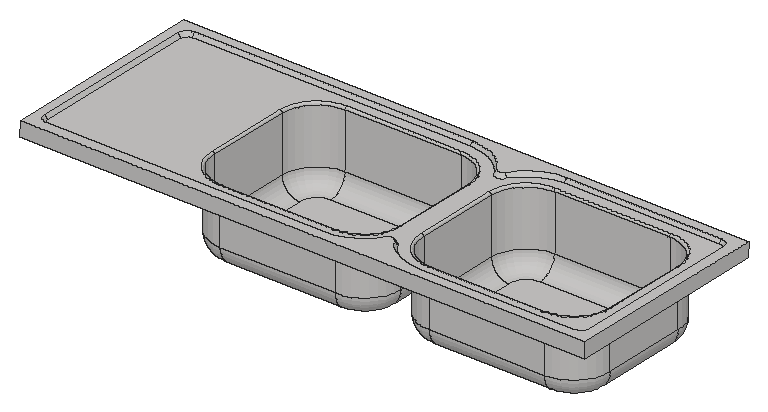
Revit family
Parameters (values of type "1200 X 435")
  Waste Connection Diameter = 40 mm
  Width Of Bowl = 330 mm
  Waste Connection Radius = Waste Connection Diameter / 2  # 20 mm
  Waste Connection = 1 = 1  # yes
  WFU = 0
  Vent Connection = 1 = 0  # no
  URL = "http://www.autospec.co.za/browse.php?id=1937217983"
  Product Code = "SDI-1200-DER"
  OmniClass Title = ""
  OmniClass Number = ""
  Modspec Classification = ""
  Specification = ""
  Material = Stainless Steel Grade 304
  Location (revit room) = ""
  Length Of Bowl = 395 mm
  HW Connection = 1 = 0  # no
  Description = ""
  Depth Of Bowl = 170 mm
  Colour = none
  CW Connection = 1 = 0  # no
  Body Finish = none
  Width = 435 mm
  Model = "Right Hand Drop-In Sink Double End Bowl SDI-1200-DER"
  Manufacturer = "Kwikot"  # constant formula
  Length = 1200 mm
  Assembly Code = "D2010410"
Reference planes
  plane 1 "Center (Front/Back)": y = 0
  plane 2 "Bottom": z = 0
  plane 3 "Center (Left/Right)": x = 0
  plane 4 "Right": x = 1200
  plane 5 "Back": y = 435
  plane 6 "Top": z = 170
  plane 7: z = 138
  plane 8: x = 310
  plane 9: x = 705
  plane 10: y = 217.5
  plane 11: y = 382.5
  plane 12: y = 52.5
  plane 13: x = 507.5
  plane 14: z = 162
  plane 15: x = 755
  plane 16: x = 1150
  plane 17: x = 952.5
Forms (mm)
  Sweep 1, solid, material "Stainless Steel Grade 304" <- "Material"
    path origin (-60.109, -1524, 170) x (-1, 0, 0) y (0, -1, 0)
      loop
        line (-60.109, -1959) -> (-60.109, -1524) -> (-1260.109, -1524) -> (-1260.109, -1959) -> (-60.109, -1959)
    profile origin (600, 435, 170) x (0, 1, 0) y (0, 0, 1)
      loop
        line (-15, 0) -> (-15, -10.5) -> (-2.5, -10.5) -> (-2.5, -29.5) -> (-10, -29.5) -> (-10, -32) -> (0, -32) -> (0, 0) -> (-15, 0)
  Extrusion 2, solid, material "Stainless Steel Grade 304" <- "Material"
    sketch origin (-60.109, -1524, 170) x (-1, 0, 0) y (0, -1, 0)
      loop
        line (-75.109, -1539) -> (-1245.109, -1539) -> (-1245.109, -1944) -> (-75.109, -1944) -> (-75.109, -1539)
    from 0 to -10.5
  Extrusion 3, void
    sketch origin (-60.109, -1524, 170) x (0, -1, 0) y (-1, 0, 0)
      loop
        line (-1906.5, -445.109) -> (-1906.5, -690.109)
        arc (-1906.5, -690.109) -> (-1884.533, -743.142) -> (-1831.5, -765.109) r 75
        line (-1831.5, -765.109) -> (-1651.5, -765.109)
        arc (-1651.5, -765.109) -> (-1598.467, -743.142) -> (-1576.5, -690.109) r 75
        line (-1576.5, -690.109) -> (-1576.5, -445.109)
        arc (-1576.5, -445.109) -> (-1598.467, -392.076) -> (-1651.5, -370.109) r 75
        line (-1651.5, -370.109) -> (-1831.5, -370.109)
        arc (-1831.5, -370.109) -> (-1884.533, -392.076) -> (-1906.5, -445.109) r 75
      loop
        line (-1906.5, -890.109) -> (-1906.5, -1135.109)
        arc (-1906.5, -1135.109) -> (-1884.533, -1188.142) -> (-1831.5, -1210.109) r 75
        line (-1831.5, -1210.109) -> (-1651.5, -1210.109)
        arc (-1651.5, -1210.109) -> (-1598.467, -1188.142) -> (-1576.5, -1135.109) r 75
        line (-1576.5, -1135.109) -> (-1576.5, -890.109)
        arc (-1576.5, -890.109) -> (-1598.467, -837.076) -> (-1651.5, -815.109) r 75
        line (-1651.5, -815.109) -> (-1831.5, -815.109)
        arc (-1831.5, -815.109) -> (-1884.533, -837.076) -> (-1906.5, -890.109) r 75
    from 0 to 10.5
  Sweep 4, solid, material "Stainless Steel Grade 304" <- "Material"
    path origin (-60.109, -1524, 170) x (-1, 0, 0) y (0, -1, 0)
      loop
        arc (-445.109, -1906.5) -> (-392.076, -1884.533) -> (-370.109, -1831.5) r 75
        line (-370.109, -1831.5) -> (-370.109, -1651.5)
        arc (-370.109, -1651.5) -> (-392.076, -1598.467) -> (-445.109, -1576.5) r 75
        line (-445.109, -1576.5) -> (-690.109, -1576.5)
        arc (-690.109, -1576.5) -> (-743.142, -1598.467) -> (-765.109, -1651.5) r 75
        line (-765.109, -1651.5) -> (-765.109, -1831.5)
        arc (-765.109, -1831.5) -> (-743.142, -1884.533) -> (-690.109, -1906.5) r 75
        line (-690.109, -1906.5) -> (-445.109, -1906.5)
    profile origin (507.5, 382.5, 170) x (0, 1, 0) y (0, 0, 1)
      loop
        line (0, -10.5) -> (0, -130)
        arc (0, -130) -> (-10.983, -156.517) -> (-37.5, -167.5) r 37.5
        line (-37.5, -167.5) -> (-37.5, -170)
        arc (-37.5, -170) -> (-9.216, -158.284) -> (2.5, -130) r 40
        line (2.5, -130) -> (2.5, -10.5) -> (0, -10.5)
  Extrusion 5, solid, material "Stainless Steel Grade 304" <- "Material"
    sketch origin (0, 0, 0) x (1, 0, 0) y (0, 1, 0)
      loop
        arc (347.5, 127.5) -> (358.483, 100.983) -> (385, 90) r 37.5
        line (385, 90) -> (630, 90)
        arc (630, 90) -> (656.517, 100.983) -> (667.5, 127.5) r 37.5
        line (667.5, 127.5) -> (667.5, 307.5)
        arc (667.5, 307.5) -> (656.517, 334.017) -> (630, 345) r 37.5
        line (630, 345) -> (385, 345)
        arc (385, 345) -> (358.483, 334.017) -> (347.5, 307.5) r 37.5
        line (347.5, 307.5) -> (347.5, 127.5)
      loop
        circle (507.5, 217.5) r 20
    from 0 to 2.5
  Blend 6, void
    base sketch origin (0, 0, 170) x (-1, 0, 0) y (0, -1, 0)
      loop
        line (-19.702, -394.912) -> (-19.702, -40.586)
        arc (-19.702, -40.586) -> (-25.732, -26.029) -> (-40.288, -20) r 20.586
        line (-40.288, -20) -> (-630, -20)
        arc (-630, -20) -> (-682.386, -33.628) -> (-721.489, -71.056) r 107.5
        arc (-721.489, -71.056) -> (-730, -75.805) -> (-738.511, -71.056) r 10
        arc (-738.511, -71.056) -> (-777.614, -33.628) -> (-830, -20) r 107.5
        line (-830, -20) -> (-1160.007, -20)
        arc (-1160.007, -20) -> (-1174.153, -25.859) -> (-1180.012, -40.005) r 20.005
        line (-1180.012, -40.005) -> (-1180.012, -395.026)
        arc (-1180.012, -395.026) -> (-1174.147, -409.186) -> (-1159.987, -415.051) r 20.025
        line (-1159.987, -415.051) -> (-830.004, -415.051)
        arc (-830.004, -415.051) -> (-777.604, -401.419) -> (-738.49, -363.979) r 107.525
        arc (-738.49, -363.979) -> (-730, -359.24) -> (-721.51, -363.979) r 9.976
        arc (-721.51, -363.979) -> (-682.396, -401.419) -> (-629.996, -415.051) r 107.525
        line (-629.996, -415.051) -> (-39.842, -415.051)
        arc (-39.842, -415.051) -> (-25.601, -409.152) -> (-19.702, -394.912) r 20.14
    top sketch origin (0, 0, 170) x (-1, 0, 0) y (0, -1, 0)
      loop
        line (-24.702, -395.051) -> (-24.702, -40)
        arc (-24.702, -40) -> (-29.096, -29.393) -> (-39.702, -25) r 15
        line (-39.702, -25) -> (-630, -25)
        arc (-630, -25) -> (-679.949, -37.994) -> (-717.234, -73.681) r 102.5
        arc (-717.234, -73.681) -> (-730, -80.805) -> (-742.766, -73.681) r 15
        arc (-742.766, -73.681) -> (-780.051, -37.994) -> (-830, -25) r 102.5
        line (-830, -25) -> (-1160.012, -25)
        arc (-1160.012, -25) -> (-1170.619, -29.393) -> (-1175.012, -40) r 15
        line (-1175.012, -40) -> (-1175.012, -395.051)
        arc (-1175.012, -395.051) -> (-1170.619, -405.658) -> (-1160.012, -410.051) r 15
        line (-1160.012, -410.051) -> (-830, -410.051)
        arc (-830, -410.051) -> (-780.051, -397.057) -> (-742.766, -361.37) r 102.5
        arc (-742.766, -361.37) -> (-730, -354.246) -> (-717.234, -361.37) r 15
        arc (-717.234, -361.37) -> (-679.949, -397.057) -> (-630, -410.051) r 102.5
        line (-630, -410.051) -> (-39.702, -410.051)
        arc (-39.702, -410.051) -> (-29.096, -405.658) -> (-24.702, -395.051) r 15
    from 0 to -8
  Extrusion 7, solid, material "Stainless Steel Grade 304" <- "Material"
    sketch origin (0, 0, 0) x (1, 0, 0) y (0, 1, 0)
      loop
        circle (507.5, 217.5) r 20
    from 0 to -5
  Sweep 8, solid, material "Stainless Steel Grade 304" <- "Material"
    path origin (0, 0, 170) x (-1, 0, 0) y (0, -1, 0)
      loop
        arc (-1150, -307.5) -> (-1128.033, -360.533) -> (-1075, -382.5) r 75
        line (-1075, -382.5) -> (-830, -382.5)
        arc (-830, -382.5) -> (-776.967, -360.533) -> (-755, -307.5) r 75
        line (-755, -307.5) -> (-755, -127.5)
        arc (-755, -127.5) -> (-776.967, -74.467) -> (-830, -52.5) r 75
        line (-830, -52.5) -> (-1075, -52.5)
        arc (-1075, -52.5) -> (-1128.033, -74.467) -> (-1150, -127.5) r 75
        line (-1150, -127.5) -> (-1150, -307.5)
    profile origin (1150, 217.5, 170) x (1, 0, 0) y (0, 0, 1)
      loop
        line (0, -10.5) -> (0, -130)
        arc (0, -130) -> (-10.983, -156.517) -> (-37.5, -167.5) r 37.5
        line (-37.5, -167.5) -> (-37.5, -170)
        arc (-37.5, -170) -> (-9.216, -158.284) -> (2.5, -130) r 40
        line (2.5, -130) -> (2.5, -10.5) -> (0, -10.5)
  Extrusion 9, solid, material "Stainless Steel Grade 304" <- "Material"
    sketch origin (0, 0, 0) x (1, 0, 0) y (0, 1, 0)
      loop
        arc (792.5, 127.5) -> (803.483, 100.983) -> (830, 90) r 37.5
        line (830, 90) -> (1075, 90)
        arc (1075, 90) -> (1101.517, 100.983) -> (1112.5, 127.5) r 37.5
        line (1112.5, 127.5) -> (1112.5, 307.5)
        arc (1112.5, 307.5) -> (1101.517, 334.017) -> (1075, 345) r 37.5
        line (1075, 345) -> (830, 345)
        arc (830, 345) -> (803.483, 334.017) -> (792.5, 307.5) r 37.5
        line (792.5, 307.5) -> (792.5, 127.5)
      loop
        circle (952.5, 217.5) r 20
    from 0 to 2.5
  Extrusion 10, solid, material "Stainless Steel Grade 304" <- "Material"
    sketch origin (0, 0, 0) x (1, 0, 0) y (0, 1, 0)
      loop
        circle (952.5, 217.5) r 20
    from 0 to -5
  Sweep 11, void
    path origin (-60.109, -1524, 170) x (-1, 0, 0) y (0, -1, 0)
      loop
        line (-690.109, -1906.5) -> (-445.109, -1906.5)
        arc (-445.109, -1906.5) -> (-392.076, -1884.533) -> (-370.109, -1831.5) r 75
        line (-370.109, -1831.5) -> (-370.109, -1651.5)
        arc (-370.109, -1651.5) -> (-392.076, -1598.467) -> (-445.109, -1576.5) r 75
        line (-445.109, -1576.5) -> (-690.109, -1576.5)
        arc (-690.109, -1576.5) -> (-743.142, -1598.467) -> (-765.109, -1651.5) r 75
        line (-765.109, -1651.5) -> (-765.109, -1831.5)
        arc (-765.109, -1831.5) -> (-743.142, -1884.533) -> (-690.109, -1906.5) r 75
    profile origin (507.5, 382.5, 170) x (0, -1, 0) y (0, 0, 1)
      loop
        line (0, -8) -> (-5, -8)
        arc (-5, -8) -> (-1.464, -9.464) -> (0, -13) r 5
        line (0, -13) -> (0, -8)
  Sweep 12, void
    path origin (-60.109, -1524, 170) x (-1, 0, 0) y (0, -1, 0)
      loop
        arc (-890.109, -1906.5) -> (-837.076, -1884.533) -> (-815.109, -1831.5) r 75
        line (-815.109, -1831.5) -> (-815.109, -1651.5)
        arc (-815.109, -1651.5) -> (-837.076, -1598.467) -> (-890.109, -1576.5) r 75
        line (-890.109, -1576.5) -> (-1135.109, -1576.5)
        arc (-1135.109, -1576.5) -> (-1188.142, -1598.467) -> (-1210.109, -1651.5) r 75
        line (-1210.109, -1651.5) -> (-1210.109, -1831.5)
        arc (-1210.109, -1831.5) -> (-1188.142, -1884.533) -> (-1135.109, -1906.5) r 75
        line (-1135.109, -1906.5) -> (-890.109, -1906.5)
    profile origin (952.5, 382.5, 170) x (0, 1, 0) y (0, 0, 1)
      loop
        line (0, -8) -> (0, -13)
        arc (0, -13) -> (1.464, -9.464) -> (5, -8) r 5
        line (5, -8) -> (0, -8)
Cuts and joins
  Extrusion 3, Blend 6, Sweep 11, Sweep 12 cuts Sweep 1
  Extrusion 3, Blend 6, Sweep 11, Sweep 12 cuts Extrusion 2
  Blend 6, Sweep 11, Sweep 12 cuts Sweep 4
  Blend 6, Sweep 11, Sweep 12 cuts Extrusion 5
  Sweep 11, Sweep 12 cuts Extrusion 7
  Sweep 11, Sweep 12 cuts Sweep 8
  Sweep 11, Sweep 12 cuts Extrusion 9
  joined: Sweep 1, Extrusion 2, Sweep 4, Extrusion 5, Extrusion 7, Sweep 8, Extrusion 9, Extrusion 10
Lines and regions (mm)
  symbolic lines
    curve 1: line (0, 435, 170) -> (0, 0, 170)
    curve 2: line (0, 0, 170) -> (1200, 0, 170)
    curve 3: line (1200, 0, 170) -> (1200, 435, 170)
    curve 4: line (1200, 435, 170) -> (0, 435, 170)
    curve 5: line (310, 307.5, 170) -> (310, 127.5, 170)
    curve 6: arc (385, 382.5, 170) -> (331.967, 360.533, 170) -> (310, 307.5, 170) r 75
    curve 7: line (630, 382.5, 170) -> (385, 382.5, 170)
    curve 8: arc (705, 307.5, 170) -> (683.033, 360.533, 170) -> (630, 382.5, 170) r 75
    curve 9: line (705, 127.5, 170) -> (705, 307.5, 170)
    curve 10: arc (630, 52.5, 170) -> (683.033, 74.467, 170) -> (705, 127.5, 170) r 75
    curve 11: line (385, 52.5, 170) -> (630, 52.5, 170)
    curve 12: arc (310, 127.5, 170) -> (331.967, 74.467, 170) -> (385, 52.5, 170) r 75
    curve 13: arc (527.5, 217.5, 170) -> (507.5, 197.5, 170) -> (487.5, 217.5, 170) r 20
    curve 14: arc (487.5, 217.5, 170) -> (507.5, 237.5, 170) -> (527.5, 217.5, 170) r 20
    curve 15: line (755, 127.5, 170) -> (755, 307.5, 170)
    curve 16: arc (755, 307.5, 170) -> (776.967, 360.533, 170) -> (830, 382.5, 170) r 75
    curve 17: line (830, 382.5, 170) -> (1075, 382.5, 170)
    curve 18: arc (1075, 382.5, 170) -> (1128.033, 360.533, 170) -> (1150, 307.5, 170) r 75
    curve 19: line (1150, 307.5, 170) -> (1150, 127.5, 170)
    curve 20: arc (1150, 127.5, 170) -> (1128.033, 74.467, 170) -> (1075, 52.5, 170) r 75
    curve 21: line (1075, 52.5, 170) -> (830, 52.5, 170)
    curve 22: arc (830, 52.5, 170) -> (776.967, 74.467, 170) -> (755, 127.5, 170) r 75
    curve 23: line (19.702, 40.586, 170) -> (19.702, 394.912, 170)
    curve 24: arc (19.702, 394.912, 170) -> (25.601, 409.152, 170) -> (39.842, 415.051, 170) r 20.14
    curve 25: line (39.842, 415.051, 170) -> (629.996, 415.051, 170)
    curve 26: line (24.702, 395.051, 170) -> (24.702, 40, 170)
    curve 27: arc (39.702, 410.051, 170) -> (29.096, 405.658, 170) -> (24.702, 395.051, 170) r 15
    curve 28: line (630, 410.051, 170) -> (39.702, 410.051, 170)
    curve 29: arc (717.234, 361.37, 170) -> (679.949, 397.057, 170) -> (630, 410.051, 170) r 102.5
    curve 30: arc (629.996, 415.051, 170) -> (682.396, 401.419, 170) -> (721.51, 363.979, 170) r 107.525
    curve 31: arc (742.766, 361.37, 170) -> (730, 354.246, 170) -> (717.234, 361.37, 170) r 15
    curve 32: arc (721.51, 363.979, 170) -> (730, 359.24, 170) -> (738.49, 363.979, 170) r 9.976
    curve 33: arc (738.49, 363.979, 170) -> (777.604, 401.419, 170) -> (830.004, 415.051, 170) r 107.525
    curve 34: arc (830, 410.051, 170) -> (780.051, 397.057, 170) -> (742.766, 361.37, 170) r 102.5
    curve 35: line (830.004, 415.051, 170) -> (1159.987, 415.051, 170)
    curve 36: line (1160.012, 410.051, 170) -> (830, 410.051, 170)
    curve 37: arc (1175.012, 395.051, 170) -> (1170.619, 405.658, 170) -> (1160.012, 410.051, 170) r 15
    curve 38: arc (1159.987, 415.051, 170) -> (1174.147, 409.186, 170) -> (1180.012, 395.026, 170) r 20.025
    curve 39: line (1180.012, 395.026, 170) -> (1180.012, 40.005, 170)
    curve 40: line (1175.012, 40, 170) -> (1175.012, 395.051, 170)
    curve 41: arc (1180.012, 40.005, 170) -> (1174.153, 25.859, 170) -> (1160.007, 20, 170) r 20.005
    curve 42: arc (1160.012, 25, 170) -> (1170.619, 29.393, 170) -> (1175.012, 40, 170) r 15
    curve 43: line (1160.007, 20, 170) -> (830, 20, 170)
    curve 44: line (830, 25, 170) -> (1160.012, 25, 170)
    curve 45: arc (830, 20, 170) -> (777.614, 33.628, 170) -> (738.511, 71.056, 170) r 107.5
    curve 46: arc (742.766, 73.681, 170) -> (780.051, 37.994, 170) -> (830, 25, 170) r 102.5
    curve 47: arc (717.234, 73.681, 170) -> (730, 80.805, 170) -> (742.766, 73.681, 170) r 15
    curve 48: arc (630, 25, 170) -> (679.949, 37.994, 170) -> (717.234, 73.681, 170) r 102.5
    curve 49: arc (738.511, 71.056, 170) -> (730, 75.805, 170) -> (721.489, 71.056, 170) r 10
    curve 50: arc (721.489, 71.056, 170) -> (682.386, 33.628, 170) -> (630, 20, 170) r 107.5
    curve 51: line (630, 20, 170) -> (40.288, 20, 170)
    curve 52: line (39.702, 25, 170) -> (630, 25, 170)
    curve 53: arc (40.288, 20, 170) -> (25.732, 26.029, 170) -> (19.702, 40.586, 170) r 20.586
    curve 54: arc (24.702, 40, 170) -> (29.096, 29.393, 170) -> (39.702, 25, 170) r 15
    curve 55: arc (932.5, 217.5, 170) -> (952.5, 197.5, 170) -> (972.5, 217.5, 170) r 20
    curve 56: arc (972.5, 217.5, 170) -> (952.5, 237.5, 170) -> (932.5, 217.5, 170) r 20
  model lines
    curve 57: line (40, 377.5, 162) -> (295, 377.5, 162)
    curve 58: line (40, 57.5, 162) -> (40, 377.5, 162)
    curve 59: line (295, 377.5, 162) -> (295, 57.5, 162)
    curve 60: line (295, 357.5, 162) -> (40, 357.5, 162)
    curve 61: line (295, 337.5, 162) -> (40, 337.5, 162)
    curve 62: line (295, 317.5, 162) -> (40, 317.5, 162)
    curve 63: line (295, 297.5, 162) -> (40, 297.5, 162)
    curve 64: line (295, 277.5, 162) -> (40, 277.5, 162)
    curve 65: line (295, 257.5, 162) -> (40, 257.5, 162)
    curve 66: line (295, 237.5, 162) -> (40, 237.5, 162)
    curve 67: line (295, 217.5, 162) -> (40, 217.5, 162)
    curve 68: line (295, 197.5, 162) -> (40, 197.5, 162)
    curve 69: line (295, 177.5, 162) -> (40, 177.5, 162)
    curve 70: line (295, 157.5, 162) -> (40, 157.5, 162)
    curve 71: line (295, 137.5, 162) -> (40, 137.5, 162)
    curve 72: line (295, 117.5, 162) -> (40, 117.5, 162)
    curve 73: line (295, 97.5, 162) -> (40, 97.5, 162)
    curve 74: line (295, 77.5, 162) -> (40, 77.5, 162)
    curve 75: line (295, 57.5, 162) -> (40, 57.5, 162)
Dimensions and locks
  "Length": plane 3 "Center (Left/Right)" to plane 4 "Right"
  "Width": plane 5 "Back" to plane 1 "Center (Front/Back)"
  "Depth Of Bowl": plane 6 "Top" to plane 2 "Bottom"
  equal spacing: plane 1 "Center (Front/Back)", plane 10, plane 5 "Back"
  "Length Of Bowl": plane 8 to plane 9
  "Width Of Bowl": plane 11 to plane 12
  equal spacing: plane 11, plane 10, plane 12
  equal spacing: plane 8, plane 13, plane 9
  plane 6 "Top" to plane 7 = 32 mm
  Sweep 1 sketch curve to plane 5 "Back" = 10 mm
  Sweep 1 sketch curve to plane 5 "Back" = 15 mm
  plane 6 "Top" to Sweep 1 sketch curve = 10.5 mm
  Sweep 1 sketch curve to plane 5 "Back" = 2.5 mm
  plane 7 to Sweep 1 sketch curve = 2.5 mm
  plane 3 "Center (Left/Right)" to Blend 6 sketch curve = 19.702 mm
  Blend 6 sketch curve to plane 4 "Right" = 19.988 mm
  plane 5 "Back" to Blend 6 sketch curve = 19.949 mm
  plane 1 "Center (Front/Back)" to Blend 6 sketch curve = 20 mm
  var sketch to Blend 6 sketch curve = 5 mm  (x3)
  Blend 6 sketch curve to var sketch = 5 mm
  plane 6 "Top" to plane 14 = 8 mm
  "Length Of Bowl": plane 15 to plane 16
  equal spacing: plane 15, plane 17, plane 16
  plane 9 to plane 15 = 50 mm
  plane 16 to plane 4 "Right" = 50 mm
  plane 3 "Center (Left/Right)" to curve 58 = 40 mm
  radius of Extrusion 3 sketch curve = 75 mm  (x8)
  radius of Sweep 4 sketch curve = 37.5 mm
  radius of Sweep 4 sketch curve = 40 mm
  "Waste Connection Radius": radius of Extrusion 5 sketch curve
  radius of Blend 6 sketch curve = 20.14 mm
  radius of Blend 6 sketch curve = 20.025 mm
  radius of Blend 6 sketch curve = 20.586 mm
  radius of Blend 6 sketch curve = 20.005 mm
  radius of Blend 6 sketch curve = 15 mm  (x6)
  radius of Sweep 8 sketch curve = 37.5 mm
  radius of Sweep 8 sketch curve = 40 mm
  "Waste Connection Radius": radius of Extrusion 9 sketch curve
  radius of Blend 6 sketch curve = 102.5 mm  (x4)
  radius of Blend 6 sketch curve = 9.976 mm
  radius of Blend 6 sketch curve = 107.525 mm  (x2)
  radius of Blend 6 sketch curve = 10 mm
  radius of Blend 6 sketch curve = 107.5 mm  (x2)
  aligned and locked: level to plane 2 "Bottom"
  aligned and locked: Sweep 1 sketch curve to plane 5 "Back"
  aligned and locked: plane 3 "Center (Left/Right)" to Sweep 1 sketch curve
  aligned and locked: Sweep 1 sketch curve to plane 1 "Center (Front/Back)"
  aligned and locked: plane 4 "Right" to Sweep 1 sketch curve
  aligned and locked: Sweep 1 sketch curve to profile plane
  aligned and locked: plane 7 to Sweep 1 sketch curve
  aligned and locked: profile plane to Sweep 1 sketch curve
  aligned and locked: Extrusion 2 sketch curve to Sweep 1  (x4)
  aligned and locked: Sweep 1 to Extrusion 2
  aligned and locked: plane 6 "Top" to Extrusion 2
  aligned and locked: plane 11 to Extrusion 3 sketch curve  (x2)
  aligned and locked: Extrusion 3 sketch curve to plane 8
  aligned and locked: Extrusion 3 sketch curve to plane 12  (x2)
  aligned and locked: plane 9 to Extrusion 3 sketch curve
  aligned and locked: Sweep 1 to Extrusion 3
  aligned and locked: plane 6 "Top" to Extrusion 3
  aligned and locked: Sweep 4 sketch curve to cut or joined group 1 (Sweep 1, Extrusion 2, Extrusion 3, Sweep 4, Extrusion 5, Blend 6, Extrusion 7, Sweep 8, Extrusion 9, Extrusion 10, Sweep 11, Sweep 12)  (x5)
  aligned and locked: cut or joined group 1 to Sweep 4 sketch curve
  aligned and locked: plane 2 "Bottom" to Sweep 4 sketch curve
  aligned and locked: Extrusion 5 sketch curve to cut or joined group 1  (x4)
  aligned and locked: plane 10 to Extrusion 5 sketch curve
  aligned and locked: curve 1 to cut or joined group 1
  aligned and locked: curve 2 to cut or joined group 1
  aligned and locked: curve 3 to cut or joined group 1
  aligned and locked: curve 4 to cut or joined group 1
  aligned and locked: curve 6 to cut or joined group 1
  aligned and locked: curve 8 to cut or joined group 1
  aligned and locked: curve 10 to cut or joined group 1
  aligned and locked: curve 12 to cut or joined group 1
  aligned and locked: Extrusion 7 sketch curve to cut or joined group 1  (x2)
  aligned and locked: curve 13 to cut or joined group 1
  aligned and locked: curve 14 to cut or joined group 1
  aligned and locked: Extrusion 3 sketch curve to plane 15
  aligned and locked: plane 16 to Extrusion 3 sketch curve
  aligned and locked: plane 13 to Extrusion 5 sketch curve
  aligned and locked: Sweep 8 sketch curve to cut or joined group 1  (x5)
  aligned and locked: cut or joined group 1 to Sweep 8 sketch curve
  aligned and locked: plane 2 "Bottom" to Sweep 8 sketch curve
  aligned and locked: Extrusion 9 sketch curve to cut or joined group 1  (x4)
  aligned and locked: plane 10 to Extrusion 9 sketch curve
  aligned and locked: plane 17 to Extrusion 9 sketch curve
  aligned and locked: Extrusion 10 sketch curve to cut or joined group 1  (x2)
  aligned and locked: curve 16 to cut or joined group 1
  aligned and locked: curve 18 to cut or joined group 1
  aligned and locked: curve 20 to cut or joined group 1
  aligned and locked: curve 22 to cut or joined group 1
  aligned and locked: Sweep 11 sketch curve to cut or joined group 1  (x4)
  aligned and locked: profile plane to Sweep 11 sketch curve
  aligned and locked: cut or joined group 1 to Sweep 11 sketch curve
  aligned and locked: Sweep 12 sketch curve to cut or joined group 1  (x4)
  aligned and locked: profile plane to Sweep 12 sketch curve
  aligned and locked: cut or joined group 1 to Sweep 12 sketch curve
  aligned and locked: Blend 6 sketch curve to Blend 6 sketch curve  (x4)
  aligned and locked: curve 24 to cut or joined group 1
  aligned and locked: curve 27 to cut or joined group 1
  aligned and locked: curve 29 to cut or joined group 1
  aligned and locked: curve 30 to cut or joined group 1
  aligned and locked: curve 31 to cut or joined group 1
  aligned and locked: curve 32 to cut or joined group 1
  aligned and locked: curve 33 to cut or joined group 1
  aligned and locked: curve 34 to cut or joined group 1
  aligned and locked: curve 37 to cut or joined group 1
  aligned and locked: curve 38 to cut or joined group 1
  aligned and locked: curve 41 to cut or joined group 1
  aligned and locked: curve 42 to cut or joined group 1
  aligned and locked: curve 45 to cut or joined group 1
  aligned and locked: curve 46 to cut or joined group 1
  aligned and locked: curve 47 to cut or joined group 1
  aligned and locked: curve 48 to cut or joined group 1
  aligned and locked: curve 49 to cut or joined group 1
  aligned and locked: curve 50 to cut or joined group 1
  aligned and locked: curve 53 to cut or joined group 1
  aligned and locked: curve 54 to cut or joined group 1
  aligned and locked: curve 55 to Extrusion 10
  aligned and locked: curve 56 to Extrusion 10
Automatic sketch dimensions
  Sweep 4 sketch curve to Sweep 4 sketch curve = 0 mm
  Sweep 8 sketch curve to Sweep 8 sketch curve = 0 mm
  profile plane to Sweep 11 sketch curve = 5 mm
  Sweep 11 sketch curve to Sweep 11 sketch curve = 5 mm  (x2)
  Sweep 11 sketch curve to Sweep 11 sketch curve = 0 mm
  Sweep 11 sketch curve to profile plane = 0 mm
  Sweep 12 sketch curve to Sweep 12 sketch curve = 5 mm  (x2)
  Sweep 12 sketch curve to Sweep 12 sketch curve = 0 mm  (x2)
  Sweep 12 sketch curve to profile plane = 0 mm
  Blend 6 sketch curve to plane 15 = 12.234 mm  (x2)
  Blend 6 sketch curve to Blend 6 sketch curve = 0 mm  (x7)
  plane 9 to Blend 6 sketch curve = 12.234 mm  (x2)
  plane 15 to Blend 6 sketch curve = 75.004 mm
  Blend 6 sketch curve to plane 15 = 16.489 mm
  Blend 6 sketch curve to plane 15 = 16.51 mm
  Blend 6 sketch curve to Blend 6 sketch curve = 8.49 mm
  Blend 6 sketch curve to Blend 6 sketch curve = 5.251 mm
  curve 57 to plane 11 = 5 mm
  curve 60 to plane 11 = 25 mm
  curve 60 to curve 61 = 20 mm
  curve 61 to curve 62 = 20 mm
  curve 62 to curve 63 = 20 mm
  curve 63 to curve 64 = 20 mm
  curve 64 to curve 65 = 20 mm
  curve 65 to curve 66 = 20 mm
  plane 10 to curve 67 = 0 mm
  curve 68 to plane 10 = 20 mm
  curve 68 to curve 69 = 20 mm
  curve 69 to curve 70 = 20 mm
  curve 70 to curve 71 = 20 mm
  curve 71 to curve 72 = 20 mm
  curve 72 to curve 73 = 20 mm
  curve 73 to curve 74 = 20 mm
  plane 12 to curve 58 = 5 mm
  curve 75 to plane 8 = 15 mm
Connectors
  piping at (507.5, 217.5, -5), driven by "Waste Connection Radius", driven by "WFU"
    settings: on cut or joined group 1, index 1, connector radius 20 mm, flow factor 0, pipe flow 0.0 L/s, pressure drop 0.0 Pa, fitting loss kfactor 0, connector angle 0.00°, fixture units 0, flow configuration 3, flow direction 2, fitting loss method 4, system type 16, connector reference index -1, connector utility 0, adjustable connector no, is connector primary yes, fitting loss table "", connector description "Waste Connection"
  piping at (952.5, 217.5, -5), driven by "Waste Connection Radius", driven by "WFU"
    settings: on cut or joined group 1, index 2, connector radius 20 mm, flow factor 0, pipe flow 0.0 L/s, pressure drop 0.0 Pa, fitting loss kfactor 0, connector angle 0.00°, fixture units 0, flow configuration 3, flow direction 2, fitting loss method 4, system type 16, connector reference index -1, connector utility 0, adjustable connector no, is connector primary no, fitting loss table "", connector description "Waste Connection"
